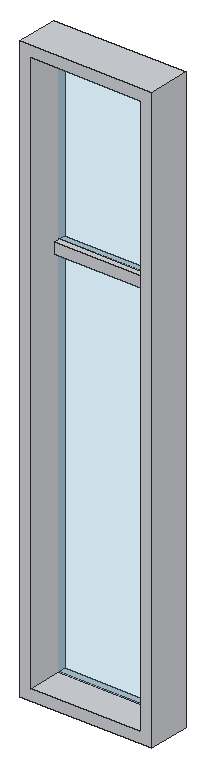
Revit family "0.47x2.10_Window_WC", category Windows, host Wall, Revit 2021
Family settings
  Host = Wall
  Always vertical = Yes
  Cut with Voids When Loaded = No
  Shared = No
  Room Calculation Point = No
Parameters (values of type "0.47 x 2.10")
  Window Width [instance] = 0.47 m
  Window Height [instance] = 2.10 m
  Wall Closure = By host
  Type Image = Artboard 6.png
  Define Thermal Properties by = Schematic Type
  Bottom Pane Height = 1.3881 m
  Height = 2.10 m
  Default Sill Height = 0.6096 m
  Width = 0.47 m
  Window Inset = 0.00635 m
  Analytic Construction = "<None>"
Reference planes (m)
  plane 1: y = 0
  plane 2: z = 0
  plane 3 "Center": x = -0.4572
  plane 4 "Left": x = -0.6922
  plane 5 "Right": x = -0.2222
  plane 6 "Sill": z = 0.6096
  plane 7 "Top": z = 2.7096
  plane 8: z = 1.9977
  plane 9: y = 0.0762
  plane 10: y = -0.0762
  plane 11: y = 0.06985
  plane 12: y = 0.0254
  plane 13: y = 0.0508
  plane 14: y = 0.04445
Forms (m)
  Extrusion 1, solid
    sketch origin (0, 0.0889, 0) x (0, 0, -1) y (1, 0, 0)
      loop
        line (-2.7096, -0.2222) -> (-2.7096, -0.6922) -> (-0.6096, -0.6922) -> (-0.6096, -0.2222) -> (-2.7096, -0.2222)
      loop
        line (-2.6715, -0.2603) -> (-2.6715, -0.6541) -> (-0.6477, -0.6541) -> (-0.6477, -0.2603) -> (-2.6715, -0.2603)
    from 0.0127 to 0.1651
  Extrusion 2, solid
    sketch origin (0.2413, 0.08255, 0.0127) x (0, 0, 1) y (1, 0, 0)
      loop
        line (2.0231, -0.5016) -> (1.985, -0.5016) -> (1.985, -0.8954) -> (2.0231, -0.8954) -> (2.0231, -0.5016)
    from -0.05715 to -0.0127
  Extrusion 3, solid
    sketch origin (0, 0.0762, 0) x (0, 0, 1) y (1, 0, 0)
      loop
        line (0.6477, -0.2603) -> (0.6477, -0.6541) -> (1.9977, -0.6541) -> (1.9977, -0.2603) -> (0.6477, -0.2603)
      loop
        line (2.0358, -0.2603) -> (2.0358, -0.6541) -> (2.6715, -0.6541) -> (2.6715, -0.2603) -> (2.0358, -0.2603)
    from -0.031727 to -0.0254
Lines and regions (m)
  Opening 1
    outline origin (-1.524, -0.0762, 0) x (1, 0, 0) y (0, 0, 1)
      loop
        line (1.3018, 2.7096) -> (0.8318, 2.7096) -> (0.8318, 0.6096) -> (1.3018, 0.6096) -> (1.3018, 2.7096)
  symbolic lines, style "WindowsFrameMullionProjection"
    curve 1: line (-0.6922, 0.0762, 0) -> (-0.6541, 0.0762, 0)
    curve 2: line (-0.6541, 0.0762, 0) -> (-0.6541, -0.0762, 0)
    curve 3: line (-0.6541, -0.0762, 0) -> (-0.6922, -0.0762, 0)
    curve 4: line (-0.2222, 0.0762, 0) -> (-0.2603, 0.0762, 0)
    curve 5: line (-0.2603, 0.0762, 0) -> (-0.2603, -0.0762, 0)
    curve 6: line (-0.2603, -0.0762, 0) -> (-0.2222, -0.0762, 0)
  symbolic lines, style "WindowsGlassProjection"
    curve 7: line (-0.2603, 0.047625, 0) -> (-0.6541, 0.047625, 0)
Text (m)
  text "EXTERIOR" at (-1.490695, 0.998726, 0), in view "Ref. Level"
  text "INTERIOR" at (-1.490695, -0.813818, 0), in view "Ref. Level"
  text "Exterior" at (0, 1.10887, 3.129179), in view "Left"
  text "Exterior" at (0, 0.464664, 3.176206), in view "Right"
Dimensions and locks (m)
  equal spacing: plane 4 "Left", plane 3 "Center", plane 5 "Right"
  "Window Width": plane 4 "Left" to plane 5 "Right"
  "Window Height": plane 6 "Sill" to plane 7 "Top"
  locked: plane 9 to host wall
  locked: plane 10 to host wall
  "Bottom Pane Height": plane 6 "Sill" to plane 8
  "Window Inset": plane 11 to plane 9
  locked: plane 12 to plane 11 at 0.04445
  locked: plane 13 to plane 11 at 0.01905
  locked: plane 12 to plane 14 at 0.01905
  "Default Sill Height": plane 2 to plane 6 "Sill"
  locked: plane 2 to host wall
  aligned and locked: host wall to Extrusion 1  (x2)
  aligned and locked: plane 12 to Extrusion 2
  aligned and locked: Extrusion 2 to plane 11
  aligned and locked: Extrusion 3 to plane 13
Automatic sketch dimensions
  Extrusion 1 sketch curve to plane 4 "Left" = 0.00 m
  Extrusion 1 sketch curve to plane 7 "Top" = 0.00 m
  Extrusion 1 sketch curve to plane 6 "Sill" = 0.00 m
  Extrusion 1 sketch curve to plane 5 "Right" = 0.00 m
  Extrusion 1 sketch curve to Extrusion 1 sketch curve = 0.0381 m  (x2)
  Extrusion 1 sketch curve to plane 4 "Left" = 0.0381 m
  plane 5 "Right" to Extrusion 1 sketch curve = 0.0381 m
  curve 3 to host wall = 0.00 m
  curve 3 to plane 4 "Left" = 0.00 m
  curve 1 to host wall = 0.00 m
  curve 1 to plane 4 "Left" = 0.00 m
  curve 6 to host wall = 0.00 m
  curve 4 to host wall = 0.00 m
  curve 4 to plane 5 "Right" = 0.00 m
  curve 6 to plane 5 "Right" = 0.00 m
  curve 3 to curve 2 = 0.0381 m
  curve 6 to curve 6 = 0.0381 m
  plane 13 to curve 7 = 0.003175 m
  Opening 1 sketch curve to plane 4 "Left" = 0.00 m
  Opening 1 sketch curve to plane 5 "Right" = 0.00 m
  Opening 1 sketch curve to plane 6 "Sill" = 0.00 m
  Opening 1 sketch curve to plane 7 "Top" = 0.00 m
  plane 8 to Extrusion 2 sketch curve = 0.00 m
  Extrusion 2 sketch curve to Extrusion 2 sketch curve = 0.0381 m
  Extrusion 2 sketch curve to plane 4 "Left" = 0.0381 m
  plane 5 "Right" to Extrusion 2 sketch curve = 0.0381 m
  Extrusion 3 sketch curve to plane 8 = 0.00 m
  plane 5 "Right" to Extrusion 3 sketch curve = 0.0381 m  (x2)
  Extrusion 3 sketch curve to plane 6 "Sill" = 0.0381 m
  Extrusion 3 sketch curve to Extrusion 3 sketch curve = 0.0381 m
  plane 7 "Top" to Extrusion 3 sketch curve = 0.0381 m
  Extrusion 3 sketch curve to plane 4 "Left" = 0.0381 m  (x2)
